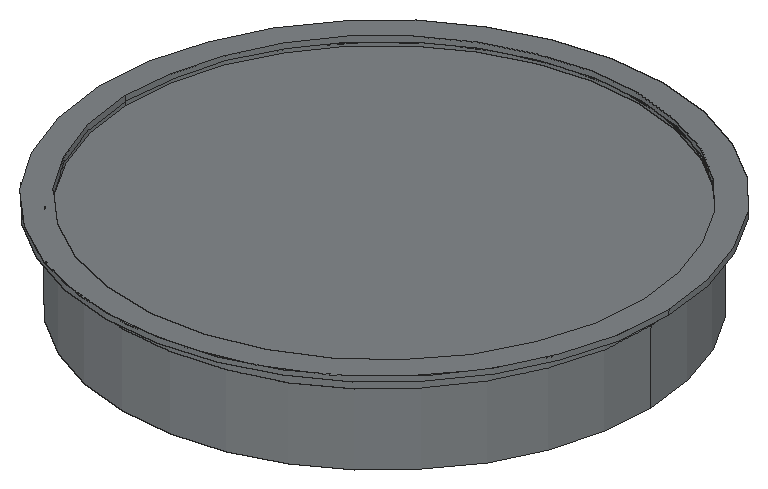
Revit family "Geräteeinsätze GES_Geräteeinsatz_Revisionsabdeckung ZESR9", category Generic Models, Revit 2015
Parameters (values of type "ZESR9-2 U12T 7011")
  URL = "http://www.obo-bettermann.com"
  Outer Diameter Dimension = 324 mm
  Material = Plastic RAL 7011
  Manufacturer Art. No. = "7406805"
  Manufacturer = "OBO Bettermann"
  Inner cut2 = 230 mm
  Inner cut 3 = 209 mm
  Inner cut = 295 mm
  Height = 50.5 mm
  GTIN = "4012195894063"
  Diameter dimesion = 304 mm
  Bodenbelagdicke = 5 mm
  Article Type = "ZESR9-2 U12T 7011"
Types (4, lengths in mm): name | Material | Manufacturer Art. No. | Inner cut 3 | GTIN | Article Type
  (no name) | Plastic RAL 7011 | "7406805" | 209 | "4012195894063" | "ZESR9-2 U12T 7011"
  ZESR9-2 U12T 7011 | Plastic RAL 7011 | "7406805" | 209 | "4012195894063" | "ZESR9-2 U12T 7011"
  ZESR9-2 U12T 9011 | Plastic RAL 9011 | "7406806" | 165 | "4012195894094" | "ZESR9-2 U12T 9011"
  ZESR9-2 U12T 1019 | Plastic RAL 1019 | "7406807" | 209 | "4012195894100" | "ZESR9-2 U12T 1019"
Reference planes
  plane 1 "Center (Front/Back)": y = 0
  plane 2: z = 0
  plane 3 "Center (Left/Right)": x = 0
  plane 4: z = -50.5
  plane 5: z = 3
  plane 6: z = -2
  plane 7: x = 104.5
  plane 8: x = -104.5
  plane 9: y = -115
  plane 10: y = 115
  plane 11: y = -98.445
  plane 12: y = 98.445
  plane 13: x = -86.264
  plane 14: x = 86.264
  plane 15: z = -9
Forms (mm)
  Extrusion 1, solid, material "Plastic RAL 7011" <- "Material"
    sketch origin (0, 0, 0) x (1, 0, 0) y (0, 1, 0)
      loop
        circle (0, 0) r 162
    from 0 to 3
  Extrusion 2, void
    sketch origin (0, 0, 0) x (1, 0, 0) y (0, 1, 0)
      loop
        circle (0, 0) r 147.5
    from -2 to 3
  Extrusion 3, solid, material "Plastic RAL 7011" <- "Material"
    sketch origin (0, 0, 0) x (1, 0, 0) y (0, 1, 0)
      loop
        circle (0, 0) r 152
      loop
        circle (0, 0) r 147.5
    from -2 to 0
  Extrusion 4, solid, material "Plastic RAL 7011" <- "Material"
    sketch origin (0, 0, 0) x (1, 0, 0) y (0, 1, 0)
      loop
        circle (0, 0) r 152
    from -9 to -2
  Extrusion 5, solid, material "Plastic RAL 7011" <- "Material"
    sketch origin (0, 0, 0) x (1, 0, 0) y (0, 1, 0)
      loop
        circle (0, 0) r 152
      loop
        line (86.264, -115) -> (104.5, -98.445) -> (104.5, 0) -> (104.5, 98.445) -> (86.264, 115) -> (-86.264, 115) -> (-104.5, 98.445) -> (-104.5, -98.445) -> (-86.264, -115) -> (86.264, -115)
    from -50.5 to -9
Cuts and joins
  Extrusion 2 cuts Extrusion 1
Lines and regions (mm)
  model lines
    curve 1: line (0, -82.75, -50.5) -> (0, -82.75, -40.5)
    curve 2: line (0, 82.75, -40.5) -> (0, 82.75, -50.5)
    curve 3: line (0, 82.75, -50.5) -> (0, 82.75, -40.5)
    curve 5: circle (0, 0, 0) r 162 normal (0, 0, 1)
    curve 7: circle (0, 0, 0) r 152 normal (0, 0, 1)
    curve 9: circle (0, 0, 0) r 147.5 normal (0, 0, 1)
    curve 10: line (104.5, 0, 0) -> (104.5, -98.445, 0)
    curve 11: line (86.264, -115, 0) -> (-86.264, -115, 0)
    curve 12: line (-104.5, -98.445, 0) -> (-104.5, 98.445, 0)
    curve 13: line (-86.264, 115, 0) -> (86.264, 115, 0)
    curve 14: line (-104.5, 98.445, 0) -> (-86.264, 115, 0)
    curve 15: line (104.5, 98.445, 0) -> (104.5, 0, 0)
    curve 16: line (104.5, 98.445, 0) -> (86.264, 115, 0)
    curve 17: line (-104.5, -98.445, 0) -> (-86.264, -115, 0)
    curve 18: line (104.5, -98.445, 0) -> (86.264, -115, 0)
  reference lines
    curve 4: circle (0, 0, 0) r 162 normal (0, 0, 1)
    curve 6: circle (0, 0, 0) r 152 normal (0, 0, 1)
    curve 8: circle (0, 0, 0) r 147.5 normal (0, 0, 1)
Dimensions and locks
  "Height": plane 4 to level
  locked: level to plane 5 at 3
  "Bodenbelagdicke": plane 6 to plane 5
  equal spacing: plane 10, plane 1 "Center (Front/Back)", plane 9
  "Inner cut2": plane 10 to plane 9
  equal spacing: plane 8, plane 3 "Center (Left/Right)", plane 7
  "Inner cut 3": plane 8 to plane 7
  locked: plane 10 to plane 12 at 16.555
  locked: plane 11 to plane 9 at 16.555
  locked: plane 8 to plane 13 at 18.236
  locked: plane 14 to plane 7 at 18.236
  locked: plane 15 to plane 6 at 7
  "Outer Diameter Dimension": diameter of curve 4
  "Diameter dimesion": diameter of curve 6
  "Inner cut": diameter of curve 8
  aligned and locked: level to plane 2
  aligned and locked: curve 5 to curve 4
  aligned and locked: Extrusion 1 sketch curve to curve 5
  aligned and locked: Extrusion 1 to level
  aligned and locked: plane 5 to Extrusion 1
  aligned and locked: curve 7 to curve 6
  aligned and locked: curve 9 to curve 8
  aligned and locked: Extrusion 2 sketch curve to curve 9
  aligned and locked: Extrusion 2 to plane 6
  aligned and locked: plane 5 to Extrusion 2
  aligned and locked: curve 10 to plane 7
  aligned and locked: plane 9 to curve 11
  aligned and locked: plane 8 to curve 12
  aligned and locked: curve 13 to plane 10
  aligned and locked: Extrusion 3 sketch curve to curve 7
  aligned and locked: Extrusion 3 sketch curve to cut or joined group of Extrusion 1, Extrusion 2  (x2)
  aligned and locked: level to Extrusion 3
  aligned and locked: Extrusion 3 to plane 6
  aligned and locked: Extrusion 4 sketch curve to Extrusion 3  (x2)
  aligned and locked: plane 6 to Extrusion 4
  aligned and locked: Extrusion 4 to plane 15
  aligned and locked: Extrusion 5 sketch curve to Extrusion 3  (x2)
  aligned and locked: Extrusion 5 sketch curve to curve 11
  aligned and locked: Extrusion 5 sketch curve to curve 18
  aligned and locked: Extrusion 5 sketch curve to curve 10
  aligned and locked: Extrusion 5 sketch curve to curve 15
  aligned and locked: Extrusion 5 sketch curve to curve 16
  aligned and locked: Extrusion 5 sketch curve to curve 13
  aligned and locked: Extrusion 5 sketch curve to curve 14
  aligned and locked: Extrusion 5 sketch curve to curve 12
  aligned and locked: Extrusion 5 sketch curve to curve 17
  aligned and locked: Extrusion 5 to plane 4
  aligned and locked: Extrusion 5 to plane 15
Automatic sketch dimensions
  curve 2 to plane 4 = 0 mm
  curve 1 to plane 4 = 0 mm
  plane 1 "Center (Front/Back)" to curve 1 = 82.75 mm
  curve 2 to plane 1 "Center (Front/Back)" = 82.75 mm
  curve 2 to curve 2 = 10 mm
  curve 1 to curve 1 = 10 mm
  plane 1 "Center (Front/Back)" to curve 10 = 0 mm
  plane 8 to curve 17 = 18.236 mm
  plane 8 to curve 13 = 18.236 mm
  curve 13 to plane 7 = 18.236 mm
  plane 9 to curve 12 = 16.555 mm
  curve 12 to plane 10 = 16.555 mm
  curve 16 to plane 10 = 16.555 mm
  curve 11 to plane 7 = 18.236 mm
  plane 9 to curve 10 = 16.555 mm
  curve 4 to curve 8 = 0 mm  (x2)
  curve 6 to curve 8 = 0 mm  (x2)
  plane 1 "Center (Front/Back)" to curve 6 = 0 mm
  curve 6 to plane 3 "Center (Left/Right)" = 0 mm
  plane 11 to Extrusion 5 sketch curve = 0 mm
  Extrusion 5 sketch curve to plane 14 = 0 mm
  plane 1 "Center (Front/Back)" to Extrusion 5 sketch curve = 0 mm
